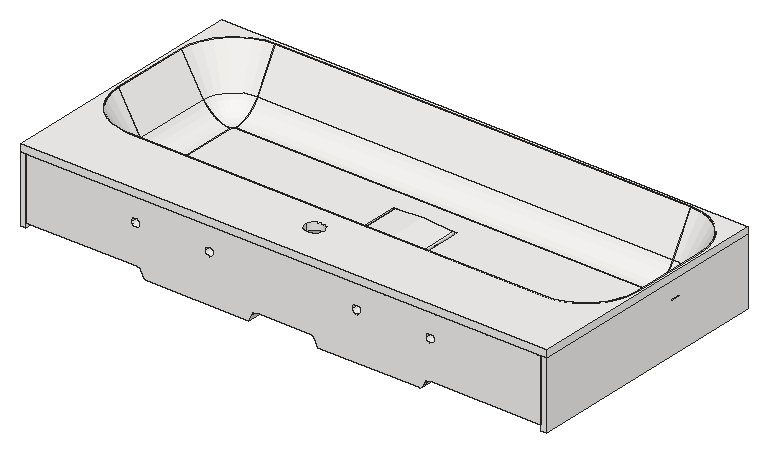
Revit family "Washbasins-hansgrohe-61100XXX-Xevolos E Washbasin 1000_480 with tap hole without overflow, SmartClean", category Plumbing Fixtures, Revit 2019
Family settings
  Round Connector Dimension = Use Diameter
  Part Type = Valve - Breaks Into
  OmniClass Number = 23.31.13.00
  Work Plane-Based = No
  Always vertical = Yes
  Cut with Voids When Loaded = No
  Shared = Yes
  Room Calculation Point = No
Parameters (values of type "61100-61100450-GLOSSY_WHITE-400")
  X2 = 560
  X1 = 280
  WEIGHT = "20"
  UNSPSC = "301815 | Sanitary ware"
  UNIFORMATII = "D2010 | Plumbing Fixtures"
  UNICLASS_2015_CODE = "40_20_96"
  UNICLASS2015 = "Pr_40_20_96 | Wash basins, sinks and troughs"
  TYP = 2
  TAP = 1
  SURFACE = "GLOSSY_WHITE"
  SPECIFICATION = "Surfaces:  - 61100450 White   Specification:  • consists of: washbasin, waste set, cover  • material: ceramic  • SmartClean: dirt-repellent glaze • degree of gloss: glossy  • ceramic cover included • with one tap hole • without overflow • without shelf • non-closing waste set • 1000 x 480 mm • type of installation: wall mounted  • suitable for cabinet"
  REGION = "Worldwide"
  PRODUCTURL = "https://pro.hansgrohe.com/articledetail--61100450"
  PRODUCTGROUP = "Washbasins"
  PRODUCTFAMILY = "Xevolos E"
  PERMALINK = "61100XXX"
  OMNICLASS = "23-31 13 00 | Sinks"
  OBJECTTYPE = "Object (single object)"
  NN = "Xevolos Washbasin"
  NBSYN = "$BASENUMBER.-$ARTNR.-$SURFACE.-$LODLEVEL."
  NB = "61100-61100450-GLOSSY_WHITE-400"
  NAME = "Xevolos E Washbasin 1000/480 with tap hole without overflow, SmartClean"
  Model = "61100-61100450-GLOSSY_WHITE-400"
  Manufacturer = "Hansgrohe"
  MIdent = "{$CADENAS_DATA/23d-libs/hansgrohe/xevolos_washbasin/xevolos_washbasin.prj},222 {VTYP=3D},{NB=61100-61100450-GLOSSY_WHITE-400},{LINA=61100-61100450-GLOSSY_WHITE-400},{NN=Xevolos Washbasin},{DATE=13.03.2023 11:34:45},{GEOMDATE=13.03.2023 11:34:00},{VERSION=},{LINEID=780},{WBVAR=LODLEVEL},{WBNUMERIC=}  {NB=61100-61100450-GLOSSY_WHITE-400},{LINA=61100-61100450-GLOSSY_WHITE-400},{KT=DUMMY},{IDNR=11},{ARTNR=61100450},{BASENUMBER=61100},{MODEL=61100XXX},{SURFACE=GLOSSY_WHITE},{LODLEVEL=400},{LODLEVELX='400','400','200','200'},{L=1000.000},{LI=810.000},{X1=280.000},{X2=560.000},{DO=46.000},{DOT=35.000},{TAP=1},{TYP=2},{NAME=Xevolos E Washbasin 1000/480 with tap hole without overflow, SmartClean},{PERMALINK=61100XXX},{OBJECTTYPE=Object (single object)},{BIMOBJECT=Sanitary: Wash Basins},{PRODUCTFAMILY=Xevolos E},{PRODUCTGROUP=Washbasins},{WEIGHT=20},{DESCRIPTION=Xevolos E Washbasin 1000/480 with tap hole without overflow, SmartClean},{SPECIFICATION=Surfaces:  - 61100450 White   Specification:  • consists of: washbasin, waste set, cover  • material: ceramic  • SmartClean: dirt-repellent glaze • degree of gloss: glossy  • ceramic cover included • with one tap hole • without overflow • without shelf • non-closing waste set • 1000 x 480 mm • type of installation: wall mounted  • suitable for cabinet},{PRODUCTURL=https://pro.hansgrohe.com/articledetail--61100450},{GTINCODE=4059625420799},{IFC=Sanitary Terminal},{ETIM=EC011550 | Washbasin},{UNICLASS2015=Pr_40_20_96 | Wash basins, sinks and troughs},{OMNICLASS=23-31 13 00 | Sinks},{MASTERFORMAT=22 41 16.13 | Residential Lavatories},{UNSPSC=301815 | Sanitary ware},{UNIFORMATII=D2010 | Plumbing Fixtures},{REGION=Worldwide},{DESIGN=Germany},{MANUFACTURER=Germany}"
  MASTERFORMAT = "22 41 16.13 | Residential Lavatories"
  LODLEVEL = "400"
  LINA = "61100-61100450-GLOSSY_WHITE-400"
  LI = 810
  L = 1000
  IFC = "Sanitary Terminal"
  GTINCODE = "4059625420799"
  ETIM = "EC011550 | Washbasin"
  DOT = 35
  DO = 46
  DESIGN = "Germany"
  CNSPipeRound/cp_Befestigungsanschluss_V = no
  CNSPipeRound/cp_Ausgang_1_V = no
  CATALOG = "Hansgrohe"
  BIMOBJECT = "Sanitary: Wash Basins"
  BASENUMBER = "61100"
  ARTNR = "61100450"
  61100-61100450-GLOSSY_WHITE-400_RX0RY0RZ0TX0TY0TZ0_V = yes
  61100-61100450-GLOSSY_WHITE-200_RX0RY0RZ0TX0TY0TZ0_V = no
Types (3, lengths in mm): name | NB | Model | MIdent | LODLEVEL | LINA | 61100-61100450-GLOSSY_WHITE-400_RX0RY0RZ0TX0TY0TZ0_V | 61100-61100450-GLOSSY_WHITE-200_RX0RY0RZ0TX0TY0TZ0_V
  (no name) | "61100-61100450-GLOSSY_WHITE-400" | "61100-61100450-GLOSSY_WHITE-400" | "{$CADENAS_DATA/23d-libs/hansgrohe/xevolos_washbasin/xevolos_washbasin.prj},222 {VTYP=3D},{NB=61100-61100450-GLOSSY_WHITE-400},{LINA=61100-61100450-GLOSSY_WHITE-400},{NN=Xevolos Washbasin},{DATE=13.03.2023 11:34:45},{GEOMDATE=13.03.2023 11:34:00},{VERSION=},{LINEID=780},{WBVAR=LODLEVEL},{WBNUMERIC=}  {NB=61100-61100450-GLOSSY_WHITE-400},{LINA=61100-61100450-GLOSSY_WHITE-400},{KT=DUMMY},{IDNR=11},{ARTNR=61100450},{BASENUMBER=61100},{MODEL=61100XXX},{SURFACE=GLOSSY_WHITE},{LODLEVEL=400},{LODLEVELX='400','400','200','200'},{L=1000.000},{LI=810.000},{X1=280.000},{X2=560.000},{DO=46.000},{DOT=35.000},{TAP=1},{TYP=2},{NAME=Xevolos E Washbasin 1000/480 with tap hole without overflow, SmartClean},{PERMALINK=61100XXX},{OBJECTTYPE=Object (single object)},{BIMOBJECT=Sanitary: Wash Basins},{PRODUCTFAMILY=Xevolos E},{PRODUCTGROUP=Washbasins},{WEIGHT=20},{DESCRIPTION=Xevolos E Washbasin 1000/480 with tap hole without overflow, SmartClean},{SPECIFICATION=Surfaces:  - 61100450 White   Specification:  • consists of: washbasin, waste set, cover  • material: ceramic  • SmartClean: dirt-repellent glaze • degree of gloss: glossy  • ceramic cover included • with one tap hole • without overflow • without shelf • non-closing waste set • 1000 x 480 mm • type of installation: wall mounted  • suitable for cabinet},{PRODUCTURL=https://pro.hansgrohe.com/articledetail--61100450},{GTINCODE=4059625420799},{IFC=Sanitary Terminal},{ETIM=EC011550 | Washbasin},{UNICLASS2015=Pr_40_20_96 | Wash basins, sinks and troughs},{OMNICLASS=23-31 13 00 | Sinks},{MASTERFORMAT=22 41 16.13 | Residential Lavatories},{UNSPSC=301815 | Sanitary ware},{UNIFORMATII=D2010 | Plumbing Fixtures},{REGION=Worldwide},{DESIGN=Germany},{MANUFACTURER=Germany}" | "400" | "61100-61100450-GLOSSY_WHITE-400" | yes | yes
  61100-61100450-GLOSSY_WHITE-200 | "61100-61100450-GLOSSY_WHITE-200" | "61100-61100450-GLOSSY_WHITE-200" | "{$CADENAS_DATA/23d-libs/hansgrohe/xevolos_washbasin/xevolos_washbasin.prj},222 {VTYP=3D},{NB=61100-61100450-GLOSSY_WHITE-200},{LINA=61100-61100450-GLOSSY_WHITE-200},{NN=Xevolos Washbasin},{DATE=13.03.2023 11:34:45},{GEOMDATE=13.03.2023 11:34:00},{VERSION=},{LINEID=780},{WBVAR=LODLEVEL},{WBNUMERIC=}  {NB=61100-61100450-GLOSSY_WHITE-200},{LINA=61100-61100450-GLOSSY_WHITE-200},{KT=DUMMY},{IDNR=11},{ARTNR=61100450},{BASENUMBER=61100},{MODEL=61100XXX},{SURFACE=GLOSSY_WHITE},{LODLEVEL=200},{LODLEVELX='400','400','200','200'},{L=1000.000},{LI=810.000},{X1=280.000},{X2=560.000},{DO=46.000},{DOT=35.000},{TAP=1},{TYP=2},{NAME=Xevolos E Washbasin 1000/480 with tap hole without overflow, SmartClean},{PERMALINK=61100XXX},{OBJECTTYPE=Object (single object)},{BIMOBJECT=Sanitary: Wash Basins},{PRODUCTFAMILY=Xevolos E},{PRODUCTGROUP=Washbasins},{WEIGHT=20},{DESCRIPTION=Xevolos E Washbasin 1000/480 with tap hole without overflow, SmartClean},{SPECIFICATION=Surfaces:  - 61100450 White   Specification:  • consists of: washbasin, waste set, cover  • material: ceramic  • SmartClean: dirt-repellent glaze • degree of gloss: glossy  • ceramic cover included • with one tap hole • without overflow • without shelf • non-closing waste set • 1000 x 480 mm • type of installation: wall mounted  • suitable for cabinet},{PRODUCTURL=https://pro.hansgrohe.com/articledetail--61100450},{GTINCODE=4059625420799},{IFC=Sanitary Terminal},{ETIM=EC011550 | Washbasin},{UNICLASS2015=Pr_40_20_96 | Wash basins, sinks and troughs},{OMNICLASS=23-31 13 00 | Sinks},{MASTERFORMAT=22 41 16.13 | Residential Lavatories},{UNSPSC=301815 | Sanitary ware},{UNIFORMATII=D2010 | Plumbing Fixtures},{REGION=Worldwide},{DESIGN=Germany},{MANUFACTURER=Germany}" | "200" | "61100-61100450-GLOSSY_WHITE-200" | no | yes
  61100-61100450-GLOSSY_WHITE-400 | "61100-61100450-GLOSSY_WHITE-400" | "61100-61100450-GLOSSY_WHITE-400" | "{$CADENAS_DATA/23d-libs/hansgrohe/xevolos_washbasin/xevolos_washbasin.prj},222 {VTYP=3D},{NB=61100-61100450-GLOSSY_WHITE-400},{LINA=61100-61100450-GLOSSY_WHITE-400},{NN=Xevolos Washbasin},{DATE=13.03.2023 11:34:45},{GEOMDATE=13.03.2023 11:34:00},{VERSION=},{LINEID=780},{WBVAR=LODLEVEL},{WBNUMERIC=}  {NB=61100-61100450-GLOSSY_WHITE-400},{LINA=61100-61100450-GLOSSY_WHITE-400},{KT=DUMMY},{IDNR=11},{ARTNR=61100450},{BASENUMBER=61100},{MODEL=61100XXX},{SURFACE=GLOSSY_WHITE},{LODLEVEL=400},{LODLEVELX='400','400','200','200'},{L=1000.000},{LI=810.000},{X1=280.000},{X2=560.000},{DO=46.000},{DOT=35.000},{TAP=1},{TYP=2},{NAME=Xevolos E Washbasin 1000/480 with tap hole without overflow, SmartClean},{PERMALINK=61100XXX},{OBJECTTYPE=Object (single object)},{BIMOBJECT=Sanitary: Wash Basins},{PRODUCTFAMILY=Xevolos E},{PRODUCTGROUP=Washbasins},{WEIGHT=20},{DESCRIPTION=Xevolos E Washbasin 1000/480 with tap hole without overflow, SmartClean},{SPECIFICATION=Surfaces:  - 61100450 White   Specification:  • consists of: washbasin, waste set, cover  • material: ceramic  • SmartClean: dirt-repellent glaze • degree of gloss: glossy  • ceramic cover included • with one tap hole • without overflow • without shelf • non-closing waste set • 1000 x 480 mm • type of installation: wall mounted  • suitable for cabinet},{PRODUCTURL=https://pro.hansgrohe.com/articledetail--61100450},{GTINCODE=4059625420799},{IFC=Sanitary Terminal},{ETIM=EC011550 | Washbasin},{UNICLASS2015=Pr_40_20_96 | Wash basins, sinks and troughs},{OMNICLASS=23-31 13 00 | Sinks},{MASTERFORMAT=22 41 16.13 | Residential Lavatories},{UNSPSC=301815 | Sanitary ware},{UNIFORMATII=D2010 | Plumbing Fixtures},{REGION=Worldwide},{DESIGN=Germany},{MANUFACTURER=Germany}" | "400" | "61100-61100450-GLOSSY_WHITE-400" | yes | no
Reference planes
  plane 1 "Center (Front/Back)": y = 0
  plane 2: z = 0
  plane 3 "Center (Left/Right)": x = 0
Dimensions and locks
  aligned and locked: level to plane 2
Nested families
  nested 1: "61100-61100450-glossy_white-200_content" at (0, 0, 0), visible <- "61100-61100450-GLOSSY_WHITE-200_RX0RY0RZ0TX0TY0TZ0_V", ContentVisible <- "61100-61100450-GLOSSY_WHITE-200_RX0RY0RZ0TX0TY0TZ0_V", type "61100-61100450-GLOSSY_WHITE-200_Content"
    with ContentVisible no
  nested 2: "61100-61100450-glossy_white-400_content" at (0, 0, 0), visible <- "61100-61100450-GLOSSY_WHITE-400_RX0RY0RZ0TX0TY0TZ0_V", ContentVisible <- "61100-61100450-GLOSSY_WHITE-400_RX0RY0RZ0TX0TY0TZ0_V", type "61100-61100450-GLOSSY_WHITE-400_Content"
    with ContentVisible yes
  nested 3: "ConnectorHost2019" at (0, -220, 0), visible <- "CNSPipeRound/cp_Ausgang_1_V", type "ConnectorHost2019"
    with Visible no, TransZ 0 mm, TransY 220 mm, TransX 0 mm, ScaleZ 1 mm, ScaleY 1 mm, ScaleX 1 mm, RotZ 180.00°, RotY 360.00°, RotX 180.00°
  nested 4: "ConnectorHost2019" at (-1, -220, 0), visible <- "CNSPipeRound/cp_Befestigungsanschluss_V", type "ConnectorHost2019"
    with Visible no, TransZ 147 mm, TransY 0 mm, TransX 1 mm, ScaleZ 1 mm, ScaleY 1 mm, ScaleX 1 mm, RotZ 180.00°, RotY 360.00°, RotX 360.00°
Connectors
  piping at (0, 0, 0), diameter 46
    settings: on nested 3, index 1, connector inside diameter 609.6 mm, connector length 0 mm, flow factor 0, pipe flow 0.0 L/s, pressure drop 0.0 Pa, fitting loss kfactor 0, connector angle 0.00°, fixture units 0, engagement length 0 mm, angle of deflection 0.00°, flow configuration 0, flow direction 2, fitting loss method 0, system type 29, joint type 0, gender type 0, connector reference index -1, connector utility 0, adjustable connector no, is connector primary yes, connector description ""
  piping at (0, -220, 147), diameter 35
    settings: on nested 4, index 2, connector inside diameter 609.6 mm, connector length 0 mm, flow factor 0, pipe flow 0.0 L/s, pressure drop 0.0 Pa, fitting loss kfactor 0, connector angle 0.00°, fixture units 0, engagement length 0 mm, angle of deflection 0.00°, flow configuration 0, flow direction 2, fitting loss method 0, system type 29, joint type 0, gender type 0, connector reference index -1, connector utility 0, adjustable connector no, is connector primary no, connector description ""
Definition of nested family "61100-61100450-glossy_white-400_content"
  Parameters (values of type "61100-61100450-GLOSSY_WHITE-400_Content")
    X2 = 560
    X1 = 280
    WEIGHT = "20"
    UNSPSC = "301815 | Sanitary ware"
    UNIFORMATII = "D2010 | Plumbing Fixtures"
    UNICLASS_2015_CODE = "40_20_96"
    UNICLASS2015 = "Pr_40_20_96 | Wash basins, sinks and troughs"
    TYP = 2
    TAP = 1
    SURFACE = "GLOSSY_WHITE"
    SPECIFICATION = "Surfaces:  - 61100450 White   Specification:  • consists of: washbasin, waste set, cover  • material: ceramic  • SmartClean: dirt-repellent glaze • degree of gloss: glossy  • ceramic cover included • with one tap hole • without overflow • without shelf • non-closing waste set • 1000 x 480 mm • type of installation: wall mounted  • suitable for cabinet"
    REGION = "Worldwide"
    PRODUCTURL = "https://pro.hansgrohe.com/articledetail--61100450"
    PRODUCTGROUP = "Washbasins"
    PRODUCTFAMILY = "Xevolos E"
    PERMALINK = "61100XXX"
    OMNICLASS = "23-31 13 00 | Sinks"
    OBJECTTYPE = "Object (single object)"
    NN = "Xevolos Washbasin"
    NBSYN = "$BASENUMBER.-$ARTNR.-$SURFACE.-$LODLEVEL."
    NB = "61100-61100450-GLOSSY_WHITE-400"
    NAME = "Xevolos E Washbasin 1000/480 with tap hole without overflow, SmartClean"
    Model = "61100-61100450-GLOSSY_WHITE-400"
    Manufacturer = "Hansgrohe"
    MASTERFORMAT = "22 41 16.13 | Residential Lavatories"
    LODLEVEL = "400"
    LINA = "61100-61100450-GLOSSY_WHITE-400"
    LI = 810
    L = 1000
    IFC = "Sanitary Terminal"
    GTINCODE = "4059625420799"
    ETIM = "EC011550 | Washbasin"
    Default Elevation = 1219.2 mm
    DOT = 35
    DO = 46
    DESIGN = "Germany"
    ContentVisible [instance] = yes
    CATALOG = "Hansgrohe"
    BIMOBJECT = "Sanitary: Wash Basins"
    BASENUMBER = "61100"
    ARTNR = "61100450"
  Reference planes
    plane 1 "Center (Front/Back)": y = 0
    plane 2: z = 0
    plane 3 "Center (Left/Right)": x = 0
  Forms (mm)
    Extrusion 1, solid, visible <- "ContentVisible", detail levels medium+fine
      sketch origin (0, -295, 7) x (0, 0, -1) y (0, -1, 0)
        loop
          line (-140, -474) -> (-121, -474) -> (-62.906, -440.46)
          arc (-62.906, -440.46) -> (-37.353, -414.906) -> (-28, -380) r 69.813
          line (-28, -380) -> (-37.5, -380)
          arc (-37.5, -380) -> (-45.58, -410.156) -> (-67.656, -432.232) r 60.313
          line (-67.656, -432.232) -> (-140, -474)
      from -395 to 395
    Revolve 2, solid, visible <- "ContentVisible", detail levels medium+fine
      sketch origin (-395, -295, 7) x (0, 0, -1) y (0, -1, 0)
        loop
          line (-140, -474) -> (-121, -474) -> (-62.906, -440.46)
          arc (-62.906, -440.46) -> (-37.353, -414.906) -> (-28, -380) r 69.813
          line (-28, -380) -> (-37.5, -380)
          arc (-37.5, -380) -> (-45.58, -410.156) -> (-67.656, -432.232) r 60.313
          line (-67.656, -432.232) -> (-140, -474)
        axis (-140, -375) -> (-28, -375)
      angle from -90 to 0
    Extrusion 3, solid, visible <- "ContentVisible", detail levels medium+fine
      sketch origin (0, -70, 7) x (-1, 0, 0) y (0, 0, -1)
        loop
          line (400, -28) -> (400, -37.5)
          arc (400, -37.5) -> (430.156, -45.58) -> (452.232, -67.656) r 60.313
          line (452.232, -67.656) -> (494, -140) -> (494, -121) -> (460.46, -62.906)
          arc (460.46, -62.906) -> (434.906, -37.353) -> (400, -28) r 69.813
      from -150 to 0
    Revolve 4, solid, visible <- "ContentVisible", detail levels medium+fine
      sketch origin (-395, -295, 7) x (0, 0, -1) y (0, -1, 0)
        loop
          line (-140, -126) -> (-67.656, -167.768)
          arc (-67.656, -167.768) -> (-45.58, -189.844) -> (-37.5, -220) r 60.313
          line (-37.5, -220) -> (-28, -220)
          arc (-28, -220) -> (-37.353, -185.094) -> (-62.906, -159.54) r 69.813
          line (-62.906, -159.54) -> (-121, -126) -> (-140, -126)
        axis (-28, -225) -> (-140, -225)
      angle from -90 to 0
    Extrusion 5, solid, visible <- "ContentVisible", detail levels medium+fine
      sketch origin (0, -295, 7) x (0, 0, -1) y (0, -1, 0)
        loop
          line (-140, -126) -> (-67.656, -167.768)
          arc (-67.656, -167.768) -> (-45.58, -189.844) -> (-37.5, -220) r 60.313
          line (-37.5, -220) -> (-28, -220)
          arc (-28, -220) -> (-37.353, -185.094) -> (-62.906, -159.54) r 69.813
          line (-62.906, -159.54) -> (-121, -126) -> (-140, -126)
      from -395 to 395
    Revolve 6, solid, visible <- "ContentVisible", detail levels medium+fine
      sketch origin (395, -295, 7) x (0, 0, -1) y (0, -1, 0)
        loop
          line (-140, -126) -> (-67.656, -167.768)
          arc (-67.656, -167.768) -> (-45.58, -189.844) -> (-37.5, -220) r 60.313
          line (-37.5, -220) -> (-28, -220)
          arc (-28, -220) -> (-37.353, -185.094) -> (-62.906, -159.54) r 69.813
          line (-62.906, -159.54) -> (-121, -126) -> (-140, -126)
        axis (-28, -225) -> (-140, -225)
      angle from 0 to 90
    Extrusion 7, solid, visible <- "ContentVisible", detail levels medium+fine
      sketch origin (0, -70, 7) x (-1, 0, 0) y (0, 0, -1)
        loop
          line (-494, -121) -> (-494, -140) -> (-452.232, -67.656)
          arc (-452.232, -67.656) -> (-430.156, -45.58) -> (-400, -37.5) r 60.313
          line (-400, -37.5) -> (-400, -28)
          arc (-400, -28) -> (-434.906, -37.353) -> (-460.46, -62.906) r 69.813
          line (-460.46, -62.906) -> (-494, -121)
      from -150 to 0
    Revolve 8, solid, visible <- "ContentVisible", detail levels medium+fine
      sketch origin (395, -295, 7) x (0, 0, -1) y (0, -1, 0)
        loop
          line (-140, -474) -> (-121, -474) -> (-62.906, -440.46)
          arc (-62.906, -440.46) -> (-37.353, -414.906) -> (-28, -380) r 69.813
          line (-28, -380) -> (-37.5, -380)
          arc (-37.5, -380) -> (-45.58, -410.156) -> (-67.656, -432.232) r 60.313
          line (-67.656, -432.232) -> (-140, -474)
        axis (-140, -375) -> (-28, -375)
      angle from 0 to 90
    Extrusion 9, solid, visible <- "ContentVisible", detail levels medium+fine
      sketch origin (0, -295, 35) x (-1, 0, 0) y (0, -1, 0)
        loop
          line (-400, -225) -> (-400, -375)
          arc (-400, -375) -> (-398.536, -378.536) -> (-395, -380) r 5
          line (-395, -380) -> (395, -380)
          arc (395, -380) -> (398.536, -378.536) -> (400, -375) r 5
          line (400, -375) -> (400, -225)
          arc (400, -225) -> (398.536, -221.464) -> (395, -220) r 5
          line (395, -220) -> (-395, -220)
          arc (-395, -220) -> (-398.536, -221.464) -> (-400, -225) r 5
        loop
          line (-60, -252.5) -> (-60, -337.5) -> (60, -337.5) -> (60, -252.5) -> (-60, -252.5)
      from 0 to 9.5
    Extrusion 10, solid, visible <- "ContentVisible", detail levels medium+fine
      sketch origin (0, -295, 147) x (-1, 0, 0) y (0, -1, 0)
        loop
          line (-500, -480) -> (500, -480) -> (500, 0) -> (-500, 0) -> (-500, -480)
        loop
          line (-494, -226) -> (-494, -374)
          arc (-494, -374) -> (-464.711, -444.711) -> (-394, -474) r 100
          line (-394, -474) -> (394, -474)
          arc (394, -474) -> (464.711, -444.711) -> (494, -374) r 100
          line (494, -374) -> (494, -226)
          arc (494, -226) -> (464.711, -155.289) -> (394, -126) r 100
          line (394, -126) -> (-394, -126)
          arc (-394, -126) -> (-464.711, -155.289) -> (-494, -226) r 100
      from -13 to 0
    Extrusion 11, solid, visible <- "ContentVisible", detail levels medium+fine
      sketch origin (0, -295, 134) x (-1, 0, 0) y (0, -1, 0)
        loop
          line (-500, -480) -> (500, -480) -> (500, 0) -> (490, 0) -> (490, -470) -> (-490, -470) -> (-490, 0) -> (-500, 0) -> (-500, -480)
      from -127 to 0
    Extrusion 12, solid, visible <- "ContentVisible", detail levels medium+fine
      sketch origin (0, -295, 7) x (-1, 0, 0) y (0, 0, -1)
        loop
          line (-490, -10) -> (-490, -127) -> (490, -127) -> (490, -10) -> (278.554, -10)
          arc (278.554, -10) -> (272.818, -8.192) -> (269.157, -3.42) r 10
          line (269.157, -3.42) -> (267.395, 1.42)
          arc (267.395, 1.42) -> (263.734, 6.192) -> (257.998, 8) r 10
          line (257.998, 8) -> (65, 8) -> (59.299, -4.226)
          arc (59.299, -4.226) -> (55.609, -8.434) -> (50.236, -10) r 10
          line (50.236, -10) -> (-50.236, -10)
          arc (-50.236, -10) -> (-55.609, -8.434) -> (-59.299, -4.226) r 10
          line (-59.299, -4.226) -> (-65, 8) -> (-257.998, 8)
          arc (-257.998, 8) -> (-263.734, 6.192) -> (-267.395, 1.42) r 10
          line (-267.395, 1.42) -> (-269.157, -3.42)
          arc (-269.157, -3.42) -> (-272.818, -8.192) -> (-278.554, -10) r 10
          line (-278.554, -10) -> (-490, -10)
      from -35 to 0
    Extrusion 13, solid, visible <- "ContentVisible", detail levels medium+fine
      sketch origin (0, -295, 17) x (-1, 0, 0) y (0, -1, 0)
        loop
          line (-490, -35) -> (-490, -470) -> (490, -470) -> (490, -35) -> (405, -35) -> (405, -271)
          arc (405, -271) -> (369.267, -357.267) -> (283, -393) r 122
          line (283, -393) -> (-283, -393)
          arc (-283, -393) -> (-369.267, -357.267) -> (-405, -271) r 122
          line (-405, -271) -> (-405, -35) -> (-490, -35)
      from 0 to 25
    Extrusion 14, solid, visible <- "ContentVisible", detail levels medium+fine
      sketch origin (-405, -295, 7) x (0, 0, -1) y (0, -1, 0)
        loop
          line (-127, -127.732) -> (-65.156, -163.437)
          arc (-65.156, -163.437) -> (-46.312, -179.833) -> (-35, -202.103) r 65.313
          line (-35, -202.103) -> (-35, -35) -> (-127, -35) -> (-127, -127.732)
      from 0 to 89
    Extrusion 15, solid, visible <- "ContentVisible", detail levels medium+fine
      sketch origin (405, -295, 7) x (0, 0, -1) y (0, -1, 0)
        loop
          line (-127, -127.732) -> (-65.156, -163.437)
          arc (-65.156, -163.437) -> (-46.312, -179.833) -> (-35, -202.103) r 65.313
          line (-35, -202.103) -> (-35, -35) -> (-127, -35) -> (-127, -127.732)
      from -89 to 0
    Extrusion 16, solid, visible <- "ContentVisible", detail levels medium+fine
      sketch origin (0, -295, 17) x (-1, 0, 0) y (0, -1, 0)
        loop
          line (-72, -261.5) -> (-72, -328.5)
          arc (-72, -328.5) -> (-65.703, -343.703) -> (-50.5, -350) r 21.5
          line (-50.5, -350) -> (50.5, -350)
          arc (50.5, -350) -> (65.703, -343.703) -> (72, -328.5) r 21.5
          line (72, -328.5) -> (72, -261.5)
          arc (72, -261.5) -> (65.703, -246.297) -> (50.5, -240) r 21.5
          line (50.5, -240) -> (-50.5, -240)
          arc (-50.5, -240) -> (-65.703, -246.297) -> (-72, -261.5) r 21.5
      from 0 to 18
    Revolve 17, solid, visible <- "ContentVisible", detail levels medium+fine
      sketch origin (0, 0, 7) x (-1, 0, 0) y (0, 0, -1)
        loop
          line (23, -4.5) -> (42.5, -27.441) -> (42.5, -10) -> (34, 0) -> (34, 7) -> (23, 7) -> (23, -4.5)
        axis (0, -27.441) -> (0, 7)
      angle from -360 to 0
    Extrusion 18, solid, visible <- "ContentVisible", detail levels medium+fine
      sketch origin (0, -295, -3) x (-1, 0, 0) y (0, -1, 0)
        loop
          circle (0, -295) r 7.5
      from 0 to 41
    Extrusion 19, solid, visible <- "ContentVisible", detail levels medium+fine
      sketch origin (0, -295, 38) x (-1, 0, 0) y (0, -1, 0)
        loop
          circle (0, -295) r 32.5
      from 0 to 2
    Extrusion 20, solid, visible <- "ContentVisible", detail levels medium+fine
      sketch origin (0, 0, 7) x (-1, 0, 0) y (0, 0, -1)
        loop
          arc (-54.85, -33) -> (-57.5, -35.65) -> (-54.85, -38.3) r 2.65
          arc (-54.85, -38.3) -> (0, -43.036) -> (54.85, -38.3) r 320
          arc (54.85, -38.3) -> (57.5, -35.65) -> (54.85, -33) r 2.65
          line (54.85, -33) -> (-54.85, -33)
      from -40 to 40
    Extrusion 21, void, detail levels medium+fine
      sketch origin (0, -295, 133) x (-1, 0, 0) y (0, -1, 0)
        loop
          circle (0, -75) r 17.5
      from 0 to 15
    Extrusion 22, void, detail levels medium+fine
      sketch origin (0, -295, 7) x (-1, 0, 0) y (0, 0, -1)
        loop
          circle (140, -83) r 8
      from -30 to 30
    Extrusion 23, void, detail levels medium+fine
      sketch origin (0, -295, 7) x (-1, 0, 0) y (0, 0, -1)
        loop
          circle (-140, -83) r 8
      from -30 to 30
    Extrusion 24, void, detail levels medium+fine
      sketch origin (0, -295, 7) x (-1, 0, 0) y (0, 0, -1)
        loop
          circle (280, -83) r 8
      from -30 to 30
    Extrusion 25, void, detail levels medium+fine
      sketch origin (0, -295, 7) x (-1, 0, 0) y (0, 0, -1)
        loop
          circle (-280, -83) r 8
      from -30 to 30
    Extrusion 26, solid, visible <- "ContentVisible", detail levels coarse
      sketch origin (0, -55, -3) x (1, 0, 0) y (0, 1, 0)
        loop
          line (-500, -240) -> (500, -240) -> (500, 240) -> (-500, 240) -> (-500, -240)
      from 0 to 150
  Cuts and joins
    Extrusion 21, Extrusion 22, Extrusion 23, Extrusion 24, Extrusion 25 cuts Extrusion 1
    Extrusion 21, Extrusion 22, Extrusion 23, Extrusion 24, Extrusion 25 cuts Revolve 2
    Extrusion 21, Extrusion 22, Extrusion 23, Extrusion 24, Extrusion 25 cuts Extrusion 3
    Extrusion 21, Extrusion 22, Extrusion 23, Extrusion 24, Extrusion 25 cuts Revolve 4
    Extrusion 21, Extrusion 22, Extrusion 23, Extrusion 24, Extrusion 25 cuts Extrusion 5
    Extrusion 21, Extrusion 22, Extrusion 23, Extrusion 24, Extrusion 25 cuts Revolve 6
    Extrusion 21, Extrusion 22, Extrusion 23, Extrusion 24, Extrusion 25 cuts Extrusion 7
    Extrusion 21, Extrusion 22, Extrusion 23, Extrusion 24, Extrusion 25 cuts Revolve 8
    Extrusion 21, Extrusion 22, Extrusion 23, Extrusion 24, Extrusion 25 cuts Extrusion 9
    Extrusion 21, Extrusion 22, Extrusion 23, Extrusion 24, Extrusion 25 cuts Extrusion 10
    Extrusion 21, Extrusion 22, Extrusion 23, Extrusion 24, Extrusion 25 cuts Extrusion 11
    Extrusion 21, Extrusion 22, Extrusion 23, Extrusion 24, Extrusion 25 cuts Extrusion 12
    Extrusion 21, Extrusion 22, Extrusion 23, Extrusion 24, Extrusion 25 cuts Extrusion 13
    Extrusion 21, Extrusion 22, Extrusion 23, Extrusion 24, Extrusion 25 cuts Extrusion 14
    Extrusion 21, Extrusion 22, Extrusion 23, Extrusion 24, Extrusion 25 cuts Extrusion 15
    Extrusion 21, Extrusion 22, Extrusion 23, Extrusion 24, Extrusion 25 cuts Extrusion 16
    Extrusion 21, Extrusion 22, Extrusion 23, Extrusion 24, Extrusion 25 cuts Revolve 17
    Extrusion 21, Extrusion 22, Extrusion 23, Extrusion 24, Extrusion 25 cuts Extrusion 18
    Extrusion 21, Extrusion 22, Extrusion 23, Extrusion 24, Extrusion 25 cuts Extrusion 19
    Extrusion 21, Extrusion 22, Extrusion 23, Extrusion 24, Extrusion 25 cuts Extrusion 20
  Dimensions and locks
    aligned and locked: level to plane 2
Definition of nested family "61100-61100450-glossy_white-200_content"
  Parameters (values of type "61100-61100450-GLOSSY_WHITE-200_Content")
    X2 = 560
    X1 = 280
    WEIGHT = "20"
    UNSPSC = "301815 | Sanitary ware"
    UNIFORMATII = "D2010 | Plumbing Fixtures"
    UNICLASS_2015_CODE = "40_20_96"
    UNICLASS2015 = "Pr_40_20_96 | Wash basins, sinks and troughs"
    TYP = 2
    TAP = 1
    SURFACE = "GLOSSY_WHITE"
    SPECIFICATION = "Surfaces:  - 61100450 White   Specification:  • consists of: washbasin, waste set, cover  • material: ceramic  • SmartClean: dirt-repellent glaze • degree of gloss: glossy  • ceramic cover included • with one tap hole • without overflow • without shelf • non-closing waste set • 1000 x 480 mm • type of installation: wall mounted  • suitable for cabinet"
    REGION = "Worldwide"
    PRODUCTURL = "https://pro.hansgrohe.com/articledetail--61100450"
    PRODUCTGROUP = "Washbasins"
    PRODUCTFAMILY = "Xevolos E"
    PERMALINK = "61100XXX"
    OMNICLASS = "23-31 13 00 | Sinks"
    OBJECTTYPE = "Object (single object)"
    NN = "Xevolos Washbasin"
    NBSYN = "$BASENUMBER.-$ARTNR.-$SURFACE.-$LODLEVEL."
    NB = "61100-61100450-GLOSSY_WHITE-200"
    NAME = "Xevolos E Washbasin 1000/480 with tap hole without overflow, SmartClean"
    Model = "61100-61100450-GLOSSY_WHITE-200"
    Manufacturer = "Hansgrohe"
    MASTERFORMAT = "22 41 16.13 | Residential Lavatories"
    LODLEVEL = "200"
    LINA = "61100-61100450-GLOSSY_WHITE-200"
    LI = 810
    L = 1000
    IFC = "Sanitary Terminal"
    GTINCODE = "4059625420799"
    ETIM = "EC011550 | Washbasin"
    Default Elevation = 1219.2 mm
    DOT = 35
    DO = 46
    DESIGN = "Germany"
    ContentVisible [instance] = yes
    CATALOG = "Hansgrohe"
    BIMOBJECT = "Sanitary: Wash Basins"
    BASENUMBER = "61100"
    ARTNR = "61100450"
  Reference planes
    plane 1 "Center (Front/Back)": y = 0
    plane 2: z = 0
    plane 3 "Center (Left/Right)": x = 0
  Forms (mm)
    Extrusion 1, solid, visible <- "ContentVisible", detail levels medium+fine
      sketch origin (0, -295, 147) x (-1, 0, 0) y (0, -1, 0)
        loop
          line (-500, -480) -> (500, -480) -> (500, 0) -> (-500, 0) -> (-500, -480)
      from -140 to 0
    Extrusion 2, void, detail levels medium+fine
      sketch origin (0, -295, 147) x (-1, 0, 0) y (0, -1, 0)
        loop
          line (-494, -126) -> (-494, -474) -> (494, -474) -> (494, -126) -> (-494, -126)
      from -102.5 to 0
    Extrusion 3, void, detail levels medium+fine
      sketch origin (0, -295, 147) x (-1, 0, 0) y (0, -1, 0)
        loop
          circle (0, -75) r 17.5
      from -1.5 to 1.5
    Extrusion 4, solid, visible <- "ContentVisible", detail levels medium+fine
      sketch origin (0, -295, 7) x (-1, 0, 0) y (0, -1, 0)
        loop
          circle (0, -295) r 34
      from -10 to 0
    Extrusion 5, solid, visible <- "ContentVisible", detail levels coarse
      sketch origin (0, -55, -3) x (1, 0, 0) y (0, 1, 0)
        loop
          line (-500, -240) -> (500, -240) -> (500, 240) -> (-500, 240) -> (-500, -240)
      from 0 to 150
  Cuts and joins
    Extrusion 2, Extrusion 3 cuts Extrusion 1
  Dimensions and locks
    aligned and locked: level to plane 2
